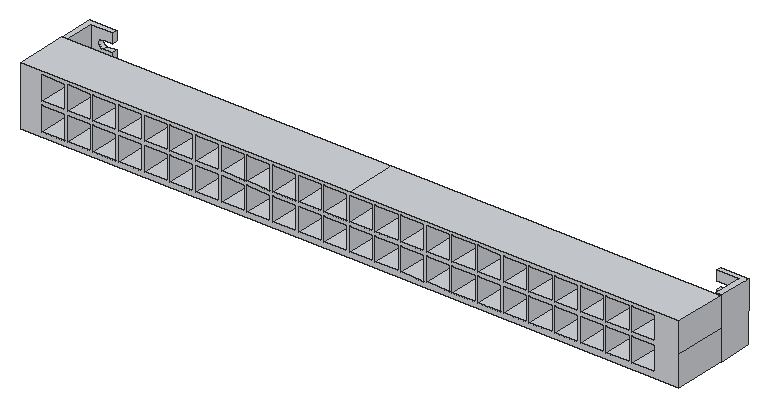
Revit family
Parameters
  Material ID = "760104307"
  Description = "M4800 PS PANEL,48 PORT "
Reference planes (in)
  plane 1 "Center (Front/Back)": y = 0
  plane 2: z = 0
  plane 3 "Center (Left/Right)": x = 0
Forms (in)
  Extrusion 1, solid
    sketch origin (0, 0, 0) x (1, 0, 0) y (0, 0, 1)
      loop
        line (0, 0.86) -> (-9.5, 0.86) -> (-9.5, 0) -> (-9.5, -0.86) -> (0, -0.86) -> (9.5, -0.86) -> (9.5, 0) -> (9.5, 0.86) -> (0, 0.86)
    from 2.28361 to 3.78
  Extrusion 2, void, not visible
    sketch origin (0, 0, 0) x (1, 0, 0) y (0, 0, 1)
      loop
        line (8.1548, 0.08976) -> (8.1548, 0.77624) -> (7.4848, 0.77624) -> (7.4848, 0.08976) -> (8.1548, 0.08976)
    from 2.60747 to 3.78
  Extrusion 3, void, not visible
    sketch origin (0, 0, 0) x (1, 0, 0) y (0, 0, 1)
      loop
        line (8.1548, 0.08976) -> (8.1548, 0.77624) -> (7.4848, 0.77624) -> (7.4848, 0.08976) -> (8.1548, 0.08976)
    from 2.60747 to 3.78
  Extrusion 4, void, not visible
    sketch origin (-1.25, 0, 0) x (1, 0, 0) y (0, 0, 1)
      loop
        line (8.1548, 0.08976) -> (8.1548, 0.77624) -> (7.4848, 0.77624) -> (7.4848, 0.08976) -> (8.1548, 0.08976)
    from 2.60747 to 3.78
  Extrusion 5, void, not visible
    sketch origin (-2.5, 0, 0) x (1, 0, 0) y (0, 0, 1)
      loop
        line (8.1548, 0.08976) -> (8.1548, 0.77624) -> (7.4848, 0.77624) -> (7.4848, 0.08976) -> (8.1548, 0.08976)
    from 2.60747 to 3.78
  Extrusion 6, void, not visible
    sketch origin (-3.75, 0, 0) x (1, 0, 0) y (0, 0, 1)
      loop
        line (8.1548, 0.08976) -> (8.1548, 0.77624) -> (7.4848, 0.77624) -> (7.4848, 0.08976) -> (8.1548, 0.08976)
    from 2.60747 to 3.78
  Extrusion 7, void
    sketch origin (-15.18, 0, 0) x (1, 0, 0) y (0, 0, 1)
      loop
        line (6.9685, 0.08976) -> (6.9685, 0.77624) -> (6.2985, 0.77624) -> (6.2985, 0.08976) -> (6.9685, 0.08976)
    from 0.80925 to 3.78
  Extrusion 8, void
    sketch origin (-14.44, 0, 0) x (1, 0, 0) y (0, 0, 1)
      loop
        line (6.9685, 0.08976) -> (6.9685, 0.77624) -> (6.2985, 0.77624) -> (6.2985, 0.08976) -> (6.9685, 0.08976)
    from 0.80925 to 3.78
  Extrusion 9, void
    sketch origin (-13.7, 0, 0) x (1, 0, 0) y (0, 0, 1)
      loop
        line (6.9685, 0.08976) -> (6.9685, 0.77624) -> (6.2985, 0.77624) -> (6.2985, 0.08976) -> (6.9685, 0.08976)
    from 0.80925 to 3.78
  Extrusion 10, void
    sketch origin (-12.96, 0, 0) x (1, 0, 0) y (0, 0, 1)
      loop
        line (6.9685, 0.08976) -> (6.9685, 0.77624) -> (6.2985, 0.77624) -> (6.2985, 0.08976) -> (6.9685, 0.08976)
    from 0.80925 to 3.78
  Extrusion 11, void
    sketch origin (-12.22, 0, 0) x (1, 0, 0) y (0, 0, 1)
      loop
        line (6.9685, 0.08976) -> (6.9685, 0.77624) -> (6.2985, 0.77624) -> (6.2985, 0.08976) -> (6.9685, 0.08976)
    from 0.80925 to 3.78
  Extrusion 12, void
    sketch origin (-11.48, 0, 0) x (1, 0, 0) y (0, 0, 1)
      loop
        line (6.9685, 0.08976) -> (6.9685, 0.77624) -> (6.2985, 0.77624) -> (6.2985, 0.08976) -> (6.9685, 0.08976)
    from 0.80925 to 3.78
  Extrusion 13, void
    sketch origin (-10.74, 0, 0) x (1, 0, 0) y (0, 0, 1)
      loop
        line (6.9685, 0.08976) -> (6.9685, 0.77624) -> (6.2985, 0.77624) -> (6.2985, 0.08976) -> (6.9685, 0.08976)
    from 0.80925 to 3.78
  Extrusion 14, void
    sketch origin (-10, 0, 0) x (1, 0, 0) y (0, 0, 1)
      loop
        line (6.9685, 0.08976) -> (6.9685, 0.77624) -> (6.2985, 0.77624) -> (6.2985, 0.08976) -> (6.9685, 0.08976)
    from 0.80925 to 3.78
  Extrusion 15, void
    sketch origin (-9.26, 0, 0) x (1, 0, 0) y (0, 0, 1)
      loop
        line (6.9685, 0.08976) -> (6.9685, 0.77624) -> (6.2985, 0.77624) -> (6.2985, 0.08976) -> (6.9685, 0.08976)
    from 0.80925 to 3.78
  Extrusion 16, void
    sketch origin (-8.52, 0, 0) x (1, 0, 0) y (0, 0, 1)
      loop
        line (6.9685, 0.08976) -> (6.9685, 0.77624) -> (6.2985, 0.77624) -> (6.2985, 0.08976) -> (6.9685, 0.08976)
    from 0.80925 to 3.78
  Extrusion 17, void
    sketch origin (-7.78, 0, 0) x (1, 0, 0) y (0, 0, 1)
      loop
        line (6.9685, 0.08976) -> (6.9685, 0.77624) -> (6.2985, 0.77624) -> (6.2985, 0.08976) -> (6.9685, 0.08976)
    from 0.80925 to 3.78
  Extrusion 18, void
    sketch origin (-7.04, 0, 0) x (1, 0, 0) y (0, 0, 1)
      loop
        line (6.9685, 0.08976) -> (6.9685, 0.77624) -> (6.2985, 0.77624) -> (6.2985, 0.08976) -> (6.9685, 0.08976)
    from 0.80925 to 3.78
  Extrusion 19, void
    sketch origin (-6.3, 0, 0) x (1, 0, 0) y (0, 0, 1)
      loop
        line (6.9685, 0.08976) -> (6.9685, 0.77624) -> (6.2985, 0.77624) -> (6.2985, 0.08976) -> (6.9685, 0.08976)
    from 0.80925 to 3.78
  Extrusion 20, void
    sketch origin (-5.56, 0, 0) x (1, 0, 0) y (0, 0, 1)
      loop
        line (6.9685, 0.08976) -> (6.9685, 0.77624) -> (6.2985, 0.77624) -> (6.2985, 0.08976) -> (6.9685, 0.08976)
    from 0.80925 to 3.78
  Extrusion 21, void
    sketch origin (-4.82, 0, 0) x (1, 0, 0) y (0, 0, 1)
      loop
        line (6.9685, 0.08976) -> (6.9685, 0.77624) -> (6.2985, 0.77624) -> (6.2985, 0.08976) -> (6.9685, 0.08976)
    from 0.80925 to 3.78
  Extrusion 22, void
    sketch origin (-4.08, 0, 0) x (1, 0, 0) y (0, 0, 1)
      loop
        line (6.9685, 0.08976) -> (6.9685, 0.77624) -> (6.2985, 0.77624) -> (6.2985, 0.08976) -> (6.9685, 0.08976)
    from 0.80925 to 3.78
  Extrusion 23, void
    sketch origin (-3.34, 0, 0) x (1, 0, 0) y (0, 0, 1)
      loop
        line (6.9685, 0.08976) -> (6.9685, 0.77624) -> (6.2985, 0.77624) -> (6.2985, 0.08976) -> (6.9685, 0.08976)
    from 0.80925 to 3.78
  Extrusion 24, void
    sketch origin (-2.6, 0, 0) x (1, 0, 0) y (0, 0, 1)
      loop
        line (6.9685, 0.08976) -> (6.9685, 0.77624) -> (6.2985, 0.77624) -> (6.2985, 0.08976) -> (6.9685, 0.08976)
    from 0.80925 to 3.78
  Extrusion 25, void
    sketch origin (-1.86, 0, 0) x (1, 0, 0) y (0, 0, 1)
      loop
        line (6.9685, 0.08976) -> (6.9685, 0.77624) -> (6.2985, 0.77624) -> (6.2985, 0.08976) -> (6.9685, 0.08976)
    from 0.80925 to 3.78
  Extrusion 26, void
    sketch origin (-1.12, 0, 0) x (1, 0, 0) y (0, 0, 1)
      loop
        line (6.9685, 0.08976) -> (6.9685, 0.77624) -> (6.2985, 0.77624) -> (6.2985, 0.08976) -> (6.9685, 0.08976)
    from 0.80925 to 3.78
  Extrusion 27, void
    sketch origin (-0.38, 0, 0) x (1, 0, 0) y (0, 0, 1)
      loop
        line (6.9685, 0.08976) -> (6.9685, 0.77624) -> (6.2985, 0.77624) -> (6.2985, 0.08976) -> (6.9685, 0.08976)
    from 0.80925 to 3.78
  Extrusion 28, void
    sketch origin (0.36, 0, 0) x (1, 0, 0) y (0, 0, 1)
      loop
        line (6.9685, 0.08976) -> (6.9685, 0.77624) -> (6.2985, 0.77624) -> (6.2985, 0.08976) -> (6.9685, 0.08976)
    from 0.80925 to 3.78
  Extrusion 29, void
    sketch origin (1.1, 0, 0) x (1, 0, 0) y (0, 0, 1)
      loop
        line (6.9685, 0.08976) -> (6.9685, 0.77624) -> (6.2985, 0.77624) -> (6.2985, 0.08976) -> (6.9685, 0.08976)
    from 0.80925 to 3.78
  Extrusion 30, void
    sketch origin (1.84, 0, 0) x (1, 0, 0) y (0, 0, 1)
      loop
        line (6.9685, 0.08976) -> (6.9685, 0.77624) -> (6.2985, 0.77624) -> (6.2985, 0.08976) -> (6.9685, 0.08976)
    from 0.80925 to 3.78
  Extrusion 31, void, not visible
    sketch origin (-15.18, 0, 0) x (1, 0, 0) y (0, 0, 1)
      loop
        line (6.9685, 0.08976) -> (6.9685, 0.77624) -> (6.2985, 0.77624) -> (6.2985, 0.08976) -> (6.9685, 0.08976)
    from 0.80925 to 3.78
  Extrusion 32, void
    sketch origin (-15.18, 0, -0.79) x (1, 0, 0) y (0, 0, 1)
      loop
        line (6.9685, 0.08976) -> (6.9685, 0.77624) -> (6.2985, 0.77624) -> (6.2985, 0.08976) -> (6.9685, 0.08976)
    from 0.80925 to 3.78
  Extrusion 33, void
    sketch origin (-14.44, 0, -0.79) x (1, 0, 0) y (0, 0, 1)
      loop
        line (6.9685, 0.08976) -> (6.9685, 0.77624) -> (6.2985, 0.77624) -> (6.2985, 0.08976) -> (6.9685, 0.08976)
    from 0.80925 to 3.78
  Extrusion 34, void
    sketch origin (-13.7, 0, -0.79) x (1, 0, 0) y (0, 0, 1)
      loop
        line (6.9685, 0.08976) -> (6.9685, 0.77624) -> (6.2985, 0.77624) -> (6.2985, 0.08976) -> (6.9685, 0.08976)
    from 0.80925 to 3.78
  Extrusion 35, void
    sketch origin (-12.96, 0, -0.79) x (1, 0, 0) y (0, 0, 1)
      loop
        line (6.9685, 0.08976) -> (6.9685, 0.77624) -> (6.2985, 0.77624) -> (6.2985, 0.08976) -> (6.9685, 0.08976)
    from 0.80925 to 3.78
  Extrusion 36, void
    sketch origin (-12.22, 0, -0.79) x (1, 0, 0) y (0, 0, 1)
      loop
        line (6.9685, 0.08976) -> (6.9685, 0.77624) -> (6.2985, 0.77624) -> (6.2985, 0.08976) -> (6.9685, 0.08976)
    from 0.80925 to 3.78
  Extrusion 37, void
    sketch origin (-11.48, 0, -0.79) x (1, 0, 0) y (0, 0, 1)
      loop
        line (6.9685, 0.08976) -> (6.9685, 0.77624) -> (6.2985, 0.77624) -> (6.2985, 0.08976) -> (6.9685, 0.08976)
    from 0.80925 to 3.78
  Extrusion 38, void
    sketch origin (-10.74, 0, -0.79) x (1, 0, 0) y (0, 0, 1)
      loop
        line (6.9685, 0.08976) -> (6.9685, 0.77624) -> (6.2985, 0.77624) -> (6.2985, 0.08976) -> (6.9685, 0.08976)
    from 0.80925 to 3.78
  Extrusion 39, void
    sketch origin (-10, 0, -0.79) x (1, 0, 0) y (0, 0, 1)
      loop
        line (6.9685, 0.08976) -> (6.9685, 0.77624) -> (6.2985, 0.77624) -> (6.2985, 0.08976) -> (6.9685, 0.08976)
    from 0.80925 to 3.78
  Extrusion 40, void
    sketch origin (-9.26, 0, -0.79) x (1, 0, 0) y (0, 0, 1)
      loop
        line (6.9685, 0.08976) -> (6.9685, 0.77624) -> (6.2985, 0.77624) -> (6.2985, 0.08976) -> (6.9685, 0.08976)
    from 0.80925 to 3.78
  Extrusion 41, void
    sketch origin (-8.52, 0, -0.79) x (1, 0, 0) y (0, 0, 1)
      loop
        line (6.9685, 0.08976) -> (6.9685, 0.77624) -> (6.2985, 0.77624) -> (6.2985, 0.08976) -> (6.9685, 0.08976)
    from 0.80925 to 3.78
  Extrusion 42, void
    sketch origin (-7.78, 0, -0.79) x (1, 0, 0) y (0, 0, 1)
      loop
        line (6.9685, 0.08976) -> (6.9685, 0.77624) -> (6.2985, 0.77624) -> (6.2985, 0.08976) -> (6.9685, 0.08976)
    from 0.80925 to 3.78
  Extrusion 43, void
    sketch origin (-7.04, 0, -0.79) x (1, 0, 0) y (0, 0, 1)
      loop
        line (6.9685, 0.08976) -> (6.9685, 0.77624) -> (6.2985, 0.77624) -> (6.2985, 0.08976) -> (6.9685, 0.08976)
    from 0.80925 to 3.78
  Extrusion 44, void
    sketch origin (-6.3, 0, -0.79) x (1, 0, 0) y (0, 0, 1)
      loop
        line (6.9685, 0.08976) -> (6.9685, 0.77624) -> (6.2985, 0.77624) -> (6.2985, 0.08976) -> (6.9685, 0.08976)
    from 0.80925 to 3.78
  Extrusion 45, void
    sketch origin (-5.56, 0, -0.79) x (1, 0, 0) y (0, 0, 1)
      loop
        line (6.9685, 0.08976) -> (6.9685, 0.77624) -> (6.2985, 0.77624) -> (6.2985, 0.08976) -> (6.9685, 0.08976)
    from 0.80925 to 3.78
  Extrusion 46, void
    sketch origin (-4.82, 0, -0.79) x (1, 0, 0) y (0, 0, 1)
      loop
        line (6.9685, 0.08976) -> (6.9685, 0.77624) -> (6.2985, 0.77624) -> (6.2985, 0.08976) -> (6.9685, 0.08976)
    from 0.80925 to 3.78
  Extrusion 47, void
    sketch origin (-4.08, 0, -0.79) x (1, 0, 0) y (0, 0, 1)
      loop
        line (6.9685, 0.08976) -> (6.9685, 0.77624) -> (6.2985, 0.77624) -> (6.2985, 0.08976) -> (6.9685, 0.08976)
    from 0.80925 to 3.78
  Extrusion 48, void
    sketch origin (-3.34, 0, -0.79) x (1, 0, 0) y (0, 0, 1)
      loop
        line (6.9685, 0.08976) -> (6.9685, 0.77624) -> (6.2985, 0.77624) -> (6.2985, 0.08976) -> (6.9685, 0.08976)
    from 0.80925 to 3.78
  Extrusion 49, void
    sketch origin (-2.6, 0, -0.79) x (1, 0, 0) y (0, 0, 1)
      loop
        line (6.9685, 0.08976) -> (6.9685, 0.77624) -> (6.2985, 0.77624) -> (6.2985, 0.08976) -> (6.9685, 0.08976)
    from 0.80925 to 3.78
  Extrusion 50, void
    sketch origin (-1.86, 0, -0.79) x (1, 0, 0) y (0, 0, 1)
      loop
        line (6.9685, 0.08976) -> (6.9685, 0.77624) -> (6.2985, 0.77624) -> (6.2985, 0.08976) -> (6.9685, 0.08976)
    from 0.80925 to 3.78
  Extrusion 51, void
    sketch origin (-1.12, 0, -0.79) x (1, 0, 0) y (0, 0, 1)
      loop
        line (6.9685, 0.08976) -> (6.9685, 0.77624) -> (6.2985, 0.77624) -> (6.2985, 0.08976) -> (6.9685, 0.08976)
    from 0.80925 to 3.78
  Extrusion 52, void
    sketch origin (-0.38, 0, -0.79) x (1, 0, 0) y (0, 0, 1)
      loop
        line (6.9685, 0.08976) -> (6.9685, 0.77624) -> (6.2985, 0.77624) -> (6.2985, 0.08976) -> (6.9685, 0.08976)
    from 0.80925 to 3.78
  Extrusion 53, void
    sketch origin (0.36, 0, -0.79) x (1, 0, 0) y (0, 0, 1)
      loop
        line (6.9685, 0.08976) -> (6.9685, 0.77624) -> (6.2985, 0.77624) -> (6.2985, 0.08976) -> (6.9685, 0.08976)
    from 0.80925 to 3.78
  Extrusion 54, void
    sketch origin (1.1, 0, -0.79) x (1, 0, 0) y (0, 0, 1)
      loop
        line (6.9685, 0.08976) -> (6.9685, 0.77624) -> (6.2985, 0.77624) -> (6.2985, 0.08976) -> (6.9685, 0.08976)
    from 0.80925 to 3.78
  Extrusion 55, void
    sketch origin (1.84, 0, -0.79) x (1, 0, 0) y (0, 0, 1)
      loop
        line (6.9685, 0.08976) -> (6.9685, 0.77624) -> (6.2985, 0.77624) -> (6.2985, 0.08976) -> (6.9685, 0.08976)
    from 0.80925 to 3.78
  Extrusion 56, solid
    sketch origin (0, 0, 0.86) x (-1, 0, 0) y (0, -1, 0)
      loop
        line (9.5, 2.25) -> (9.34807, 2.25) -> (9.34807, 1.42695) -> (8.71807, 1.42695) -> (8.71807, 1.28361) -> (9.5, 1.28361) -> (9.5, 2.25)
    from 0 to -1.72
  Extrusion 57, solid
    sketch origin (0, 0, 0.86) x (1, 0, 0) y (0, 1, 0)
      loop
        line (9.5, -2.25) -> (9.5, -1.28361) -> (8.71807, -1.28361) -> (8.71807, -1.42695) -> (9.34807, -1.42695) -> (9.34807, -2.25) -> (9.5, -2.25)
    from 0 to -1.72
  Extrusion 58, void
    sketch origin (-9.5, -1.28361, 0.86) x (-1, 0, 0) y (0, 0, -1)
      loop
        line (-0.91168, 0.26881) -> (-0.5, 0.26881)
        arc (-0.5, 0.26881) -> (-0.3844, 0.3844) -> (-0.5, 0.5) r 0.1156
        line (-0.5, 0.5) -> (-0.91168, 0.5) -> (-0.91168, 0.26881)
      loop
        line (-0.91168, 1.45119) -> (-0.91168, 1.22) -> (-0.5, 1.22)
        arc (-0.5, 1.22) -> (-0.3844, 1.3356) -> (-0.5, 1.45119) r 0.1156
        line (-0.5, 1.45119) -> (-0.91168, 1.45119)
      loop
        line (-18.08832, 0.26881) -> (-18.08832, 0.5) -> (-18.5, 0.5)
        arc (-18.5, 0.5) -> (-18.6156, 0.3844) -> (-18.5, 0.26881) r 0.1156
        line (-18.5, 0.26881) -> (-18.08832, 0.26881)
      loop
        line (-18.08832, 1.45119) -> (-18.5, 1.45119)
        arc (-18.5, 1.45119) -> (-18.6156, 1.3356) -> (-18.5, 1.22) r 0.1156
        line (-18.5, 1.22) -> (-18.08832, 1.22) -> (-18.08832, 1.45119)
    from 0 to 0.63132
Cuts and joins
  Extrusion 7, Extrusion 8, Extrusion 9, Extrusion 10, Extrusion 11, Extrusion 12, Extrusion 13, Extrusion 14, Extrusion 15, Extrusion 16, Extrusion 17, Extrusion 18, Extrusion 19, Extrusion 20, Extrusion 21, Extrusion 22, Extrusion 23, Extrusion 24, Extrusion 25, Extrusion 26, Extrusion 27, Extrusion 28, Extrusion 29, Extrusion 30, Extrusion 32, Extrusion 33, Extrusion 34, Extrusion 35, Extrusion 36, Extrusion 37, Extrusion 38, Extrusion 39, Extrusion 40, Extrusion 41, Extrusion 42, Extrusion 43, Extrusion 44, Extrusion 45, Extrusion 46, Extrusion 47, Extrusion 48, Extrusion 49, Extrusion 50, Extrusion 51, Extrusion 52, Extrusion 53, Extrusion 54, Extrusion 55, Extrusion 58 cuts Extrusion 1
  Extrusion 58 cuts Extrusion 56
  Extrusion 58 cuts Extrusion 57
Dimensions and locks (in)
  equal spacing: group 5, group 4, group 3, group 2
  equal spacing: group 2, group 3, group 4, group 5  (x2)
  equal spacing: group 7, group 8, group 9, group 10, group 11, group 12, group 13, group 14, group 15, group 16, group 17, group 18, group 19, group 20, group 21, group 22, group 23, group 24, group 25, group 26, group 27, group 28, group 29, group 30  (x3)
  equal spacing: group 33, group 34, group 35, group 36, group 37, group 38, group 39, group 40, group 41, group 42, group 43, group 44, group 45, group 46, group 47, group 48, group 49, group 50, group 51, group 52, group 53, group 54, group 55, group 56  (x3)
  group 31 to group 57 = 0"  (x2)
  group 57 to group 31 = 0.79"
